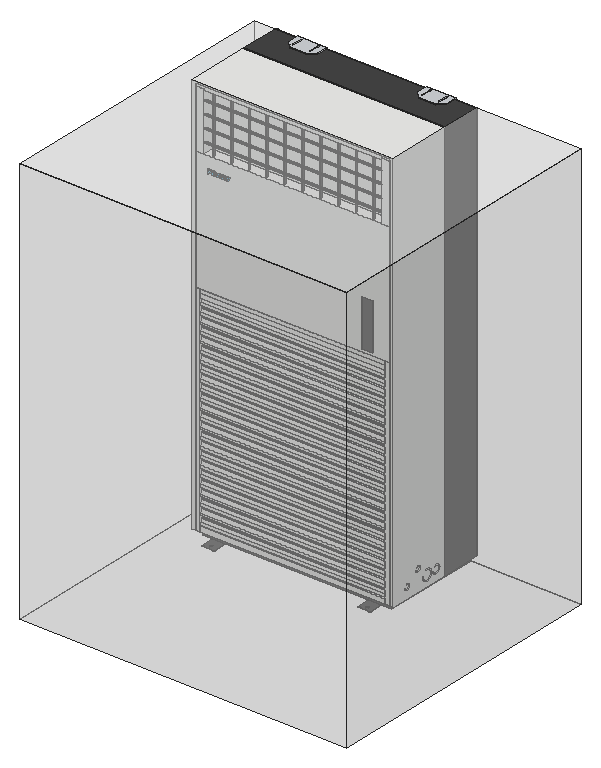
Revit family "outputfile", category 機械設備, Revit 2024
Family settings
  丸型コネクタ寸法 = 半径を使用
  パーツ タイプ = 標準
  OmniClass 番号 = 23.75.10.24.21.27.27
  OmniClass タイトル = Split System Air Conditioning Units
  作業面ベース = いいえ
  常に垂直 = はい
  ロード時にボイドで切り取り = いいえ
  注釈の向きを維持 = いいえ
  共有 = いいえ
  部屋計算ポイント = いいえ
Parameters (values of type "FVGR10PVL")
  Description = ""
  書き出し IFC クラス(タイプ) = "IfcUnitaryEquipmentType"
  定義済み IFC タイプ(タイプ) = "AIRCONDITIONINGUNIT"
  Cost = 0
  Type Comments = ""
  Keynote = ""
  Type Image = (empty or 0)
  Assembly Code = ""
  switch_frequency = yes
  lw_powersupply [instance] = if(Rear Connection_refrigerant, S + Rear_powerinput, Width / 2)  # 479.5 mm
  lw_liquidpipe [instance] = if(Rear Connection_refrigerant, S, Width / 2)  # 479.5 mm
  lw_gaspipe [instance] = if(Rear Connection_refrigerant, S + Rear_gas, Width / 2)  # 479.5 mm
  lw_drain [instance] = if(Rear Connection_refrigerant, S + Rear_drain, Width / 2)  # 479.5 mm
  lh_powersupply [instance] = if(and(Width = 1279.0 mm, Right Connection_refrigerant), 132.0 mm, if(Rear Connection_refrigerant, 83.0 mm, 82.0 mm))  # 82.0 mm
  lh_liquidpipe [instance] = if(Rear Connection_refrigerant, 83.0 mm, 132.0 mm)  # 132.0 mm
  lh_gaspipe [instance] = if(Rear Connection_refrigerant, 83.0 mm, 82.0 mm)  # 82.0 mm
  lh_drain [instance] = if(Rear Connection_refrigerant, 83.0 mm, 82.0 mm)  # 82.0 mm
  ld_powersupply [instance] = 82.0 mm  # constant formula
  ld_liquidpipe [instance] = if(Left Connection_refrigerant, 202.0 mm, 147.0 mm)  # 147.0 mm
  ld_gaspipe [instance] = 202.0 mm  # constant formula
  ld_drain [instance] = 257.0 mm  # constant formula
  l_powersupply [instance] = if(Rear Connection_refrigerant, Depth - ld_powersupply, Width / 2)  # 479.5 mm
  l_liquidpipe [instance] = if(Rear Connection_refrigerant, Depth - ld_liquidpipe, Width / 2)  # 479.5 mm
  l_gaspipe [instance] = if(Rear Connection_refrigerant, Depth - ld_gaspipe, Width / 2)  # 479.5 mm
  l_drain [instance] = if(Rear Connection_refrigerant, Depth - ld_drain, Width / 2)  # 479.5 mm
  h_mountinghole = 1.5 mm  # constant formula
  connector_voltage = Voltage_60Hz  # 220 V
  connector_powerinput = [Power Input (Cooling)]  # 9.780 kW
  connector_phase = Phase_60Hz  # 1
  URL = ""
  Rear_powerinput = if(Width = 1279.0 mm, 345.0 mm, if(Width = 1129.0 mm, 295.0 mm, 100.0 mm))  # 100.0 mm
  Rear_gas = if(Width = 959.0 mm, 300.0 mm, 100.0 mm)  # 300.0 mm
  angle_horizontal [instance] = if(Rear Connection_refrigerant, 180.00°, if(Left Connection_refrigerant, 270.00°, 90.00°))  # 90.00°
  Z = if(Width = 1279.0 mm, 50.0 mm, 0.0 mm)  # 0.0 mm
  Voltage_comment_60Hz = "220"
  Voltage_60Hz = 220 V
  S = if(or(Width = 1279.0 mm, Width = 1129.0 mm), 385.0 mm, 220.0 mm)  # 220.0 mm
  Right Connection_refrigerant [instance] = yes
  製造元 = "Daikin"
  モデル = "FVGR10PVL"
  r_Liquid Pipe Size = Liquid Pipe Size / 2  # 6.35 mm
  r_Gas Pipe Size = Gas Pipe Size / 2  # 12.7 mm
  r_Drain Pipe Size = Drain Pipe Size / 2  # 12.7 mm
  h*** = 0.0 mm  # constant formula
  Width = 959.0 mm
  Version = "ver.1.0"
  Unit Type = "Floor Standing"
  Unit Mass Weight = 138.00 kg
  Unit Designation [instance] = ""
  Uniclass2015Version = "Products v1.30"
  Uniclass2015Title = "Split coil room air conditioning units"
  Uniclass2015Code = "Pr_70_65_03_86"
  Total Cooling Capacity [instance] = 0.000 kW
  Sound Pressure Level_M speed (dBA) = 60
  Sound Pressure Level_L speed (dBA) = 55
  Sound Pressure Level_H speed (dBA) = 65
  Sound Power Level_H speed (dB) = 0
  Series = "Package Aircon_Fan Coil Unit"
  Sensible Cooling Capacity [instance] = 0.000 kW
  Refrigerant Type = "R410A"
  Rear_drain = if(Width = 959.0 mm, 200.0 mm, 195.0 mm)  # 200.0 mm
  Rear Connection_refrigerant [instance] = no
  Power Input (Cooling) = 9.780 kW
  Phase_60Hz = 1
  Option Accessory 3 [instance] = ""
  Option Accessory 2 [instance] = ""
  Option Accessory 1 [instance] = ""
  Nominal Cooling Capacity = 29.300 kW
  Minimum External Static Pressure = 0.00 Pa
  Minimum Circuit Amps_60Hz = 0.0 A
  Minimum Airflow = 3058.00 m³/h
  Median Airflow = 3738.00 m³/h
  Maximum Fuse Amps_60Hz = 0.0 A
  Maximum External Static Pressure = 0.00 Pa
  Maximum Airflow = 4757.00 m³/h
  Material_Casing = DAIKIN_White_Casing_indoorunit
  M = if(Width = 1279.0 mm, 200.0 mm, 124.0 mm)  # 124.0 mm
  Load Classification = HVAC
  Liquid Pipe Size = 12.7 mm
  Link_Nested Family [instance] = ""
  Left Connection_refrigerant [instance] = no
  IfcVersion = ""
  IfcExportType = "AIRCONDITIONINGUNIT"
  IfcExportAs = "IfcUnitaryEquipmentType"
  Height = 1947.0 mm  # constant formula
  Heat Exchanger Type = "Cross Fin Coil"
  Gas Pipe Size = 25.4 mm
  Frequency_60Hz = 60 Hz
  Fan Type = "Sirocco Fan"
  Fan Drive = "-"
  FCU Tag No. [instance] = ""
  Drain Pipe Size = 25.4 mm
  Design Supply Airflow [instance] = 0.00 m³/h
  Design External Static Pressure [instance] = 0.00 Pa
  Depth = 500.0 mm
  既定の高さ = 0.0 mm
  Cooling Entering Wet Bulb Temperature [instance] = 0.00 °C
  Cooling Entering Dry Bulb Temperature [instance] = 0.00 °C
  Cooling Ambient Wet Bulb Temperature [instance] = 0.00 °C
  Cooling Ambient Dry Bulb Temperature [instance] = 0.00 °C
  Clearance visibility [instance] = yes
  Clearance Top = 0.0 mm
  Clearance Right [instance] = if(Right Connection_refrigerant, 500.0 mm, 100.0 mm)  # 500.0 mm
  Clearance Rear [instance] = if(Rear Connection_refrigerant, 500.0 mm, 0.0 mm)  # 0.0 mm
  Clearance Left [instance] = if(Left Connection_refrigerant, 500.0 mm, 100.0 mm)  # 100.0 mm
  Clearance Front = 900.0 mm
  Clearance Bottom = 0.0 mm
Reference planes
  plane 1: z = 0
  plane 2 "Center (Left/Right)": x = 0
  plane 3 "Center (Front/Back)": y = 157.5
  plane 4 "Front": y = -92.5
  plane 5 "Left": x = -479.5
  plane 6 "Right": x = 479.5
  plane 7 "Top": z = 1947
  plane 8: z = 1947
  plane 9: z = 0
  plane 10 "Bottom": z = 0
  plane 11 "Back": y = 407.5
  plane 12: y = 407.5
  plane 13: y = -992.5
  plane 14: x = -579.5
  plane 15: x = 979.5
  plane 16: z = 31
  plane 17: z = 1597
  plane 18: x = -399.5
  plane 19 "c1": x = -450
  plane 20 "c2": x = 450
  plane 21 "j2": y = 402.3
  plane 22 "j1": y = -62.7
  plane 23 "R_F": y = -10.5
  plane 24 "R_G": y = 109.5
  plane 25 "R_H": y = 164.5
  plane 26 "R_X": y = 54.5
  plane 27 "R_Y": z = 82
  plane 28 "R_Z": z = 132
  plane 29 "R_interunit wiring": z = 82
  plane 30 "M": x = 355.5
  plane 31 "S": x = -259.5
  plane 32 "背面ガス": x = 40.5
  plane 33 "背面ドレン": x = -59.5
  plane 34 "背面電源": x = -159.5
  plane 35 "lh_drain": z = 82
  plane 36 "lh_gaspipe": z = 82
  plane 37 "lh_liquidpipe": z = 132
  plane 38 "lh_powersupply": z = 82
  plane 39 "lw_liquidpipe": x = 0
  plane 40 "lw_gaspipe": x = 0
  plane 41 "lw_drain": x = 0
  plane 42 "lw_powersupply": x = 0
  plane 43 "ld_powersupply": y = -10.5
  plane 44 "ld_drain": y = 164.5
  plane 45 "ld_gaspipe": y = 109.5
  plane 46 "ld_liquidpipe": y = 54.5
Forms (mm)
  Extrusion 1, solid, material "DAIKIN_Black_logo"
    sketch origin (0, 0, 0) x (-1, 0, 0) y (0, -1, 0)
      loop
        line (479.5, -405.8) -> (479.5, -215.8) -> (-479.5, -215.8) -> (-479.5, -405.8) -> (479.5, -405.8)
    from 31 to 1947
  Extrusion 2, solid, material "DAIKIN_White_Casing_indoorunit" <- "Material_Casing"
    sketch origin (0, 0, 0) x (-1, 0, 0) y (0, -1, 0)
      loop
        line (479.5, -215.8) -> (479.5, 92.5) -> (-479.5, 92.5) -> (-479.5, -215.8) -> (479.5, -215.8)
    from 31 to 1947
  Extrusion 3, solid, material "DAIKIN_Black_logo"
    sketch origin (0, 0, 0) x (-1, 0, 0) y (0, -1, 0)
      loop
        line (479.5, -407.5) -> (479.5, -405.8) -> (-479.5, -405.8) -> (-479.5, -407.5) -> (479.5, -407.5)
    from 31 to 1071
  Extrusion 4, solid, material "DAIKIN_Black_logo"
    sketch origin (0, 0, 0) x (-1, 0, 0) y (0, -1, 0)
      loop
        line (479.5, -407.5) -> (479.5, -405.8) -> (-479.5, -405.8) -> (-479.5, -407.5) -> (479.5, -407.5)
    from 1071 to 1947
  Extrusion 5, void
    sketch origin (0, -92.5, 0) x (-1, 0, 0) y (0, 0, 1)
      loop
        line (462.5, 1939.2) -> (-462.5, 1939.2) -> (-462.5, 31) -> (462.5, 31) -> (462.5, 1939.2)
    from 0 to 50
  Extrusion 6, solid, material "DAIKIN_Black_logo"
    sketch origin (0, 0, 0) x (-1, 0, 0) y (0, -1, 0)
      loop
        line (450, -402.3) -> (450, 62.7) -> (-450, 62.7) -> (-450, -402.3) -> (450, -402.3)
    from 0 to 31
  Extrusion 7, solid, material "DAIKIN_White_Casing_indoorunit" <- "Material_Casing"
    sketch origin (479.5, 0, 0) x (0, 1, 0) y (0, 0, 1)
      loop
        circle (54.5, 132) r 12.7
      loop
        circle (54.5, 132) r 11.5
    from 0 to -2
  Extrusion 8, solid, material "DAIKIN_White_Casing_indoorunit" <- "Material_Casing"
    sketch origin (479.5, 0, 0) x (0, 1, 0) y (0, 0, 1)
      loop
        circle (109.5, 82) r 25.4
      loop
        circle (109.5, 82) r 24.2
    from 0 to -3
  Extrusion 9, solid, material "DAIKIN_White_Casing_indoorunit" <- "Material_Casing"
    sketch origin (479.5, 0, 0) x (0, 1, 0) y (0, 0, 1)
      loop
        circle (164.5, 82) r 19.05
      loop
        circle (164.5, 82) r 17.85
    from 0 to -3
  Extrusion 10, solid, material "DAIKIN_White_Casing_indoorunit" <- "Material_Casing"
    sketch origin (479.5, 0, 0) x (0, 1, 0) y (0, 0, 1)
      loop
        circle (-10.5, 82) r 12.7
      loop
        circle (-10.5, 82) r 11.5
    from 0 to -3
  Extrusion 11, solid, material "DAIKIN_White_Casing_indoorunit" <- "Material_Casing"
    sketch origin (-479.5, 0, 0) x (0, 1, 0) y (0, 0, 1)
      loop
        circle (109.5, 132) r 12.7
      loop
        circle (109.5, 132) r 11.5
    from 0 to 3
  Extrusion 12, solid, material "DAIKIN_White_Casing_indoorunit" <- "Material_Casing"
    sketch origin (-479.5, 0, 0) x (0, 1, 0) y (0, 0, 1)
      loop
        circle (109.5, 82) r 25.4
      loop
        circle (109.5, 82) r 24.2
    from 0 to 3
  Extrusion 13, solid, material "DAIKIN_White_Casing_indoorunit" <- "Material_Casing"
    sketch origin (-479.5, 0, 0) x (0, 1, 0) y (0, 0, 1)
      loop
        circle (164.5, 82) r 19.05
      loop
        circle (164.5, 82) r 17.85
    from 0 to 3
  Extrusion 14, solid, material "DAIKIN_White_Casing_indoorunit"
    sketch origin (-479.5, 0, 0) x (0, 1, 0) y (0, 0, 1)
      loop
        circle (-10.5, 82) r 12.7
      loop
        circle (-10.5, 82) r 11.5
    from 0 to 3
  Extrusion 15, solid, material "DAIKIN_White_Casing_indoorunit"
    sketch origin (0, 407.5, 0) x (-1, 0, 0) y (0, 0, 1)
      loop
        line (-355.5, 182) -> (-355.5, 82) -> (-130.5, 82) -> (-130.5, 182) -> (-355.5, 182)
    from 0 to -1.7
  Extrusion 16, solid, material "DAIKIN_White_Casing_indoorunit" <- "Material_Casing"
    sketch origin (0, 407.5, 0) x (-1, 0, 0) y (0, 0, 1)
      loop
        circle (259.5, 83) r 12.7
      loop
        circle (259.5, 83) r 11.5
    from 0 to -1.7
  Extrusion 17, solid, material "DAIKIN_White_Casing_indoorunit" <- "Material_Casing"
    sketch origin (0, 407.5, 0) x (-1, 0, 0) y (0, 0, 1)
      loop
        circle (-40.5, 83) r 25.4
      loop
        circle (-40.5, 83) r 24.2
    from 0 to -1.7
  Extrusion 18, solid, material "DAIKIN_White_Casing_indoorunit" <- "Material_Casing"
    sketch origin (0, 407.5, 0) x (-1, 0, 0) y (0, 0, 1)
      loop
        circle (59.5, 83) r 19.05
      loop
        circle (59.5, 83) r 17.85
    from 0 to -1.7
  Extrusion 19, solid, material "DAIKIN_White_Casing_indoorunit" <- "Material_Casing"
    sketch origin (0, 407.5, 0) x (-1, 0, 0) y (0, 0, 1)
      loop
        circle (159.5, 83) r 12.7
      loop
        circle (159.5, 83) r 11.473
    from 0 to -1.7
Cuts and joins
  Extrusion 5 cuts Extrusion 2
Dimensions and locks
  "h***": plane 10 "Bottom" to plane 1
  "Clearance Bottom": plane 10 "Bottom" to plane 9
  "Height": plane 7 "Top" to plane 10 "Bottom"
  "Clearance Top": plane 8 to plane 7 "Top"
  equal spacing: plane 11 "Back", plane 3 "Center (Front/Back)", plane 4 "Front"
  "Depth": plane 11 "Back" to plane 4 "Front"
  "Clearance Rear": plane 12 to plane 11 "Back"
  "Clearance Front": plane 4 "Front" to plane 13
  "Clearance Left": plane 14 to plane 5 "Left"
  "Clearance Right": plane 6 "Right" to plane 15
  equal spacing: plane 5 "Left", plane 2 "Center (Left/Right)", plane 6 "Right"
  "Width": plane 5 "Left" to plane 6 "Right"
  locked: plane 11 "Back" to Extrusion 1 sketch curve at 191.7
  locked: Extrusion 1 sketch curve to Extrusion 1 sketch curve at 190
  locked: plane 16 to plane 10 "Bottom" at 31
  Extrusion 5 sketch curve to plane 5 "Left" = 17.0 mm
  plane 6 "Right" to Extrusion 5 sketch curve = 17.0 mm
  plane 7 "Top" to Extrusion 5 sketch curve = 7.8 mm
  locked: plane 7 "Top" to plane 17 at 350
  locked: plane 18 to plane 5 "Left" at 80
  locked: plane 21 "j2" to plane 11 "Back" at 5.2
  locked: plane 4 "Front" to plane 22 "j1" at 29.8
  locked: plane 20 "c2" to plane 6 "Right" at 29.5
  locked: plane 5 "Left" to plane 19 "c1" at 29.5
  locked: plane 4 "Front" to plane 23 "R_F" at 82
  locked: plane 23 "R_F" to plane 24 "R_G" at 120
  locked: plane 24 "R_G" to plane 25 "R_H" at 55
  locked: plane 4 "Front" to plane 26 "R_X" at 147
  locked: plane 27 "R_Y" to plane 10 "Bottom" at 82
  locked: plane 28 "R_Z" to plane 27 "R_Y" at 50
  "Z": plane 29 "R_interunit wiring" to plane 27 "R_Y"
  "M": plane 6 "Right" to plane 30 "M"
  locked: Extrusion 15 sketch curve to Extrusion 15 sketch curve at 225
  locked: plane 10 "Bottom" to Extrusion 15 sketch curve at 82
  locked: Extrusion 15 sketch curve to Extrusion 15 sketch curve at 100
  "S": plane 31 "S" to plane 5 "Left"
  locked: plane 16 to Extrusion 16 sketch curve at 52  (x2)
  "Rear_gas": plane 31 "S" to plane 32 "背面ガス"
  locked: plane 16 to Extrusion 17 sketch curve at 52
  "Rear_drain": plane 33 "背面ドレン" to plane 31 "S"
  locked: plane 16 to Extrusion 18 sketch curve at 52  (x2)
  "Rear_powerinput": plane 31 "S" to plane 34 "背面電源"
  locked: plane 16 to Extrusion 19 sketch curve at 52  (x2)
  "lh_liquidpipe": plane 37 "lh_liquidpipe" to plane 10 "Bottom"
  "lh_gaspipe": plane 36 "lh_gaspipe" to plane 10 "Bottom"
  "lh_drain": plane 35 "lh_drain" to plane 10 "Bottom"
  "lh_powersupply": plane 38 "lh_powersupply" to plane 10 "Bottom"
  "lw_liquidpipe": plane 5 "Left" to plane 39 "lw_liquidpipe"
  "lw_gaspipe": plane 5 "Left" to plane 40 "lw_gaspipe"
  "lw_drain": plane 5 "Left" to plane 41 "lw_drain"
  "lw_powersupply": plane 5 "Left" to plane 42 "lw_powersupply"
  "ld_liquidpipe": plane 46 "ld_liquidpipe" to plane 4 "Front"
  "ld_gaspipe": plane 45 "ld_gaspipe" to plane 4 "Front"
  "ld_drain": plane 44 "ld_drain" to plane 4 "Front"
  "ld_powersupply": plane 43 "ld_powersupply" to plane 4 "Front"
  aligned and locked: level to plane 1
  aligned and locked: plane 8 to nested 1
  aligned and locked: plane 9 to nested 1
  aligned and locked: plane 12 to nested 1
  aligned and locked: nested 1 to plane 13
  aligned and locked: plane 14 to nested 1
  aligned and locked: plane 15 to nested 1
  aligned and locked: plane 5 "Left" to Extrusion 1 sketch curve
  aligned and locked: Extrusion 1 sketch curve to plane 6 "Right"
  aligned and locked: plane 7 "Top" to Extrusion 1
  aligned and locked: Extrusion 1 to plane 16
  aligned and locked: Extrusion 2 sketch curve to Extrusion 1
  aligned and locked: plane 5 "Left" to Extrusion 2 sketch curve
  aligned and locked: Extrusion 2 sketch curve to plane 6 "Right"
  aligned and locked: plane 4 "Front" to Extrusion 2 sketch curve
  aligned and locked: Extrusion 2 to plane 16
  aligned and locked: plane 7 "Top" to Extrusion 2
  aligned and locked: plane 5 "Left" to Extrusion 3 sketch curve
  aligned and locked: Extrusion 3 sketch curve to plane 6 "Right"
  aligned and locked: Extrusion 3 sketch curve to plane 11 "Back"
  aligned and locked: Extrusion 3 sketch curve to Extrusion 1
  aligned and locked: Extrusion 3 to plane 16
  aligned and locked: Extrusion 4 sketch curve to plane 11 "Back"
  aligned and locked: Extrusion 4 sketch curve to plane 5 "Left"
  aligned and locked: plane 6 "Right" to Extrusion 4 sketch curve
  aligned and locked: Extrusion 4 sketch curve to Extrusion 3
  aligned and locked: plane 7 "Top" to Extrusion 4
  aligned and locked: plane 4 "Front" to nested 2
  aligned and locked: plane 2 "Center (Left/Right)" to nested 2
  aligned and locked: plane 10 "Bottom" to nested 2
  aligned and locked: plane 16 to Extrusion 5 sketch curve
  aligned and locked: nested 3 to plane 4 "Front"
  aligned and locked: plane 17 to nested 3
  aligned and locked: plane 18 to nested 3
  aligned and locked: Extrusion 6 sketch curve to plane 21 "j2"
  aligned and locked: Extrusion 6 sketch curve to plane 19 "c1"
  aligned and locked: plane 20 "c2" to Extrusion 6 sketch curve
  aligned and locked: plane 22 "j1" to Extrusion 6 sketch curve
  aligned and locked: plane 16 to Extrusion 6
  aligned and locked: Extrusion 6 to plane 10 "Bottom"
  aligned and locked: nested 4 to plane 3 "Center (Front/Back)"
  aligned and locked: plane 2 "Center (Left/Right)" to nested 4
  aligned and locked: plane 10 "Bottom" to nested 4
  aligned and locked: plane 28 "R_Z" to Extrusion 7 sketch curve  (x2)
  aligned and locked: Extrusion 7 sketch curve to plane 26 "R_X"  (x2)
  aligned and locked: Extrusion 8 sketch curve to plane 24 "R_G"
  aligned and locked: plane 27 "R_Y" to Extrusion 8 sketch curve
  aligned and locked: Extrusion 9 sketch curve to plane 25 "R_H"  (x2)
  aligned and locked: plane 27 "R_Y" to Extrusion 9 sketch curve  (x2)
  aligned and locked: Extrusion 10 sketch curve to plane 23 "R_F"  (x2)
  aligned and locked: plane 29 "R_interunit wiring" to Extrusion 10 sketch curve  (x2)
  aligned and locked: plane 28 "R_Z" to Extrusion 11 sketch curve  (x2)
  aligned and locked: plane 24 "R_G" to Extrusion 11 sketch curve  (x2)
  aligned and locked: plane 24 "R_G" to Extrusion 12 sketch curve
  aligned and locked: plane 27 "R_Y" to Extrusion 12 sketch curve
  aligned and locked: plane 25 "R_H" to Extrusion 13 sketch curve  (x2)
  aligned and locked: plane 27 "R_Y" to Extrusion 13 sketch curve  (x2)
  aligned and locked: plane 23 "R_F" to Extrusion 14 sketch curve  (x2)
  aligned and locked: plane 27 "R_Y" to Extrusion 14 sketch curve  (x2)
  aligned and locked: Extrusion 15 sketch curve to plane 30 "M"
  aligned and locked: plane 31 "S" to Extrusion 16 sketch curve  (x2)
  aligned and locked: Extrusion 17 sketch curve to plane 32 "背面ガス"  (x2)
  aligned and locked: Extrusion 18 sketch curve to plane 33 "背面ドレン"  (x2)
  aligned and locked: Extrusion 19 sketch curve to plane 34 "背面電源"  (x2)
  aligned and locked: nested 10 to plane 40 "lw_gaspipe"
  aligned and locked: nested 12 to plane 42 "lw_powersupply"
  aligned and locked: nested 11 to plane 41 "lw_drain"
  aligned and locked: nested 9 to plane 39 "lw_liquidpipe"
  aligned and locked: nested 9 to plane 46 "ld_liquidpipe"
  aligned and locked: nested 10 to plane 45 "ld_gaspipe"
  aligned and locked: nested 11 to plane 44 "ld_drain"
  aligned and locked: nested 12 to plane 43 "ld_powersupply"
  aligned and locked: nested 13 to plane 11 "Back"
  aligned and locked: plane 2 "Center (Left/Right)" to nested 13
  aligned and locked: plane 7 "Top" to nested 13
Automatic sketch dimensions
  Extrusion 8 sketch curve to Extrusion 8 sketch curve = 0.0 mm  (x2)
  Extrusion 12 sketch curve to Extrusion 12 sketch curve = 0.0 mm  (x2)
  Extrusion 17 sketch curve to Extrusion 17 sketch curve = 0.0 mm
  radius of Extrusion 7 sketch curve = 12.7 mm
  radius of Extrusion 7 sketch curve = 11.5 mm
  radius of Extrusion 8 sketch curve = 25.4 mm
  radius of Extrusion 8 sketch curve = 24.2 mm
  radius of Extrusion 9 sketch curve = 19.05 mm
  radius of Extrusion 9 sketch curve = 17.85 mm
  radius of Extrusion 10 sketch curve = 12.7 mm
  radius of Extrusion 10 sketch curve = 11.5 mm
  radius of Extrusion 11 sketch curve = 12.7 mm
  radius of Extrusion 11 sketch curve = 11.5 mm
  radius of Extrusion 12 sketch curve = 25.4 mm
  radius of Extrusion 12 sketch curve = 24.2 mm
  radius of Extrusion 13 sketch curve = 19.05 mm
  radius of Extrusion 13 sketch curve = 17.85 mm
  radius of Extrusion 14 sketch curve = 12.7 mm
  radius of Extrusion 14 sketch curve = 11.5 mm
  radius of Extrusion 16 sketch curve = 12.7 mm
  radius of Extrusion 16 sketch curve = 11.5 mm
  radius of Extrusion 17 sketch curve = 25.4 mm
  radius of Extrusion 17 sketch curve = 24.2 mm
  radius of Extrusion 18 sketch curve = 19.05 mm
  radius of Extrusion 18 sketch curve = 17.85 mm
  radius of Extrusion 19 sketch curve = 12.7 mm
  radius of Extrusion 19 sketch curve = 11.473 mm
Nested families
  nested 1: "daikin_clearancespace" at (200, -292.5, 973.619), visible <- "Clearance visibility", show <- "Clearance visibility", Link_Nested Family <- "Link_Nested Family", type "daikin_clearancespace"
    with width 1559.0 mm, show yes, height 1947.0 mm, depth 1400.0 mm, Link_Nested Family ""
  nested 2: "daikin_round flow_panel" at (0, -42.5, 0), type "daikin_round flow_panel"
  nested 3: "daikin_logo_elevation_w100" at (-334.5, -92.5, 1572), type "daikin_logo_elevation_w100"
    with show_logo yes
  nested 4: "daikin_unit monting plae" at (0, 157.5, 0), type "daikin_unit monting plae"
  nested 5: "daikin_mountinghole" at (-371.5, 452.3, 0), type "daikin_mountinghole"
    with show yes, l_antenna 1946.5 mm, h_mountinghole 1.5 mm, Link_Nested Family ""
  nested 6: "daikin_mountinghole" at (-371.5, -112.7, 0), type "daikin_mountinghole"
    with show yes, l_antenna 1946.5 mm, h_mountinghole 1.5 mm, Link_Nested Family ""
  nested 7: "daikin_mountinghole" at (371.5, -112.7, 0), type "daikin_mountinghole"
    with show yes, l_antenna 1946.5 mm, h_mountinghole 1.5 mm, Link_Nested Family ""
  nested 8: "daikin_mountinghole" at (371.5, 452.3, 0), type "daikin_mountinghole"
    with show yes, l_antenna 1946.5 mm, h_mountinghole 1.5 mm, Link_Nested Family ""
  nested 9: "daikin_connector_rotate3" at (0, 54.5, 132), radius <- "r_Liquid Pipe Size", angle_horizontal <- "angle_horizontal", length <- "l_liquidpipe", type "*"
    with radius 6.35 mm, length 479.5 mm, angle_vertical 90.00°, angle_horizontal 90.00°, show_line no, show_face no
  nested 10: "daikin_connector_rotate3" at (0, 109.5, 82), radius <- "r_Gas Pipe Size", angle_horizontal <- "angle_horizontal", length <- "l_gaspipe", type "*"
    with radius 12.7 mm, length 479.5 mm, angle_vertical 90.00°, angle_horizontal 90.00°, show_line no, show_face no
  nested 11: "daikin_connector_rotate3" at (0, 164.5, 82), radius <- "r_Drain Pipe Size", angle_horizontal <- "angle_horizontal", length <- "l_drain", type "*"
    with radius 12.7 mm, length 479.5 mm, angle_vertical 90.00°, angle_horizontal 90.00°, show_line no, show_face no
  nested 12: "daikin_connector_rotate3" at (0, -10.5, 82), angle_horizontal <- "angle_horizontal", length <- "l_powersupply", type "*"
    with radius 12.7 mm, length 479.5 mm, angle_vertical 90.00°, angle_horizontal 90.00°, show_line no, show_face no
  nested 13: "daikin_wall monting plae" at (0, 407.5, 1947), type "daikin_wall monting plae"
Connectors
  piping at (479.5, 54.5, 132), diameter 12.7, driven by "r_Liquid Pipe Size"
    settings: on nested 9, index 1, connector inside diameter 609.6 mm, connector length 0.0 mm, flow factor 0, pipe flow 0.00 m³/h, pressure drop 0.0 Pa, fitting loss kfactor 0, connector angle 0.00°, fixture units 0, engagement length 0.0 mm, angle of deflection 0.00°, flow configuration 1, flow direction 1, fitting loss method 0, system type 29, joint type 0, gender type 0, connector reference index -1, connector utility 0, adjustable connector no, is connector primary yes, connector description "Refrigerant Liquid Piping"
  piping at (479.5, 109.5, 82), diameter 25.4, driven by "r_Gas Pipe Size"
    settings: on nested 10, index 2, connector inside diameter 609.6 mm, connector length 0.0 mm, flow factor 0, pipe flow 0.00 m³/h, pressure drop 0.0 Pa, fitting loss kfactor 0, connector angle 0.00°, fixture units 0, engagement length 0.0 mm, angle of deflection 0.00°, flow configuration 1, flow direction 2, fitting loss method 0, system type 29, joint type 0, gender type 0, connector reference index -1, connector utility 0, adjustable connector no, is connector primary no, connector description "Refrigerant Gas Piping"
  piping at (479.5, 164.5, 82), diameter 25.4, driven by "r_Drain Pipe Size"
    settings: on nested 11, index 3, connector inside diameter 609.6 mm, connector length 0.0 mm, flow factor 0, pipe flow 0.00 m³/h, pressure drop 0.0 Pa, fitting loss kfactor 0, connector angle 0.00°, fixture units 0, engagement length 0.0 mm, angle of deflection 0.00°, flow configuration 1, flow direction 2, fitting loss method 4, system type 16, joint type 0, gender type 0, connector reference index -1, connector utility 0, adjustable connector no, is connector primary no, connector description "Condensate Drain Piping"
  electrical at (479.5, -10.5, 82), driven by "connector_phase", driven by "Load Classification", driven by "connector_voltage", driven by "connector_powerinput"
    settings: on nested 12, index 4, voltage 220 V, apparent load 9780 VA, apparent load phase1 0 VA, apparent load phase2 0 VA, apparent load phase3 0 VA, power factor 1, load classification "HVAC", number of poles 1, system type 30, power factor state 1, is connector primary yes, connector utility no, sub classification motor no, connector description "Power Supply"
Definition of nested family "daikin_clearancespace"
  Parameters (values of type "daikin_clearancespace")
    Description = "daikin_clearancespace"
    width [instance] = 1823.963 mm
    show [instance] = yes
    material = none
    height [instance] = 1359.762 mm
    depth [instance] = 880.0 mm
    Default Elevation = 0.0 mm
    Link_Nested Family [instance] = ""
  Reference planes
    plane 1 "Center (Front/Back)": y = 0
    plane 2 "Center (Elevation)": z = -0.119
    plane 3 "Center (Left/Right)": x = 0
    plane 4: y = 440
    plane 5: y = -440
    plane 6 "Right": x = 911.982
    plane 7 "Left": x = -911.982
    plane 8 "Top": z = 679.762
    plane 9 "Bottom": z = -680
  Forms (mm)
    Extrusion 1, solid, material <- "material", visible <- "show"
      sketch origin (0, 0, 0) x (1, 0, 0) y (0, 1, 0)
        loop
          line (-911.982, 440) -> (-911.982, -440) -> (911.982, -440) -> (911.982, 440) -> (-911.982, 440)
      from -680 to 679.762
  Lines and regions (mm)
    symbolic lines, visible <- "show"
      curve 1: line (911.982, 440, 0) -> (-911.982, 440, 0)
      curve 2: line (-911.982, 440, 0) -> (-911.982, -440, 0)
      curve 3: line (-911.982, -440, 0) -> (911.982, -440, 0)
      curve 4: line (911.982, -440, 0) -> (911.982, 440, 0)
      curve 5: line (911.982, 0, 679.762) -> (-911.982, 0, 679.762)
      curve 6: line (911.982, 0, -680) -> (911.982, 0, 679.762)
      curve 7: line (-911.982, 0, -680) -> (911.982, 0, -680)
      curve 8: line (-911.982, 0, 679.762) -> (-911.982, 0, -680)
      curve 9: line (0, 440, 679.762) -> (0, -440, 679.762)
      curve 10: line (0, -440, 679.762) -> (0, -440, -680)
      curve 11: line (0, 440, -680) -> (0, 440, 679.762)
      curve 12: line (0, -440, -680) -> (0, 440, -680)
  Dimensions and locks
    "width": plane 7 "Left" to plane 6 "Right"
    "depth": plane 4 to plane 5
    "height": plane 8 "Top" to plane 9 "Bottom"
    equal spacing: plane 7 "Left", plane 3 "Center (Left/Right)", plane 6 "Right"
    equal spacing: plane 4, plane 1 "Center (Front/Back)", plane 5
    equal spacing: plane 8 "Top", plane 2 "Center (Elevation)", plane 9 "Bottom"
    aligned and locked: level to plane 2 "Center (Elevation)"
    aligned and locked: Extrusion 1 sketch curve to plane 4
    aligned and locked: plane 7 "Left" to Extrusion 1 sketch curve
    aligned and locked: Extrusion 1 sketch curve to plane 5
    aligned and locked: Extrusion 1 sketch curve to plane 6 "Right"
    aligned and locked: plane 8 "Top" to Extrusion 1
    aligned and locked: curve 1 to Extrusion 1
    aligned and locked: curve 2 to Extrusion 1
    aligned and locked: curve 3 to Extrusion 1
    aligned and locked: curve 4 to Extrusion 1
    aligned and locked: curve 5 to Extrusion 1
    aligned and locked: curve 6 to Extrusion 1
    aligned and locked: curve 7 to Extrusion 1
    aligned and locked: curve 8 to Extrusion 1
    aligned and locked: curve 9 to Extrusion 1
    aligned and locked: curve 10 to Extrusion 1
    aligned and locked: curve 11 to Extrusion 1
    aligned and locked: curve 12 to Extrusion 1
    aligned and locked: Extrusion 1 to plane 9 "Bottom"
Definition of nested family "daikin_round flow_panel"
  Parameters (values of type "daikin_round flow_panel")
    n = if(A = 1129.0 mm, 12, if(A = 1279.0 mm, 14, 10))  # 10
    material = none
    a = if(A = 1279.0 mm, 85.0 mm, 95.0 mm)  # 95.0 mm
    E = 1071.0 mm  # constant formula
    Default Elevation = 0.0 mm
    D = 581.0 mm  # constant formula
    B = 1947.0 mm  # constant formula
    A = 959.0 mm
  Reference planes
    plane 1 "Center (Front/Back)": y = 0
    plane 2: z = 0
    plane 3 "Center (Left/Right)": x = 0
    plane 4: z = 31
    plane 5: z = 1071
    plane 6: z = 1652
    plane 7: z = 1947
    plane 8: x = -479.5
    plane 9: x = 479.5
    plane 10: y = -50
    plane 11: x = -462.5
    plane 12: x = 462.5
    plane 13: z = 1939.2
    plane 14: x = -384.5
    plane 15: y = -44
    plane 16: y = -50
    plane 17: x = -299.5
    plane 18: x = -299.5
    plane 19: y = -44
    plane 20: y = -50
    plane 21: x = -214.5
    plane 22: x = -214.5
    plane 23: y = -44
    plane 24: y = -50
    plane 25: x = -129.5
    plane 26: x = -129.5
    plane 27: y = -44
    plane 28: y = -50
    plane 29: x = -44.5
    plane 30: x = -44.5
    plane 31: y = -44
    plane 32: y = -50
    plane 33: x = 40.5
    plane 34: x = 40.5
    plane 35: y = -44
    plane 36: y = -50
    plane 37: x = 125.5
    plane 38: x = 125.5
    plane 39: y = -44
    plane 40: y = -50
    plane 41: x = 210.5
    plane 42: x = 210.5
    plane 43: y = -44
    plane 44: y = -50
    plane 45: x = 295.5
    plane 46: x = 295.5
    plane 47: y = -44
    plane 48: y = -50
    plane 49: x = 380.5
    plane 50: x = 380.5
    plane 51: y = -44
    plane 52: y = -50
    plane 53: x = 465.5
  Forms (mm)
    Extrusion 1, solid, material <- "material"
      sketch origin (0, 0, 0) x (1, 0, 0) y (0, 0, 1)
        loop
          line (-462.5, 1652) -> (-462.5, 1071) -> (462.5, 1071) -> (462.5, 1652) -> (-462.5, 1652)
        loop
          line (331.5, 1306) -> (331.5, 1084) -> (383.5, 1084) -> (383.5, 1306) -> (331.5, 1306)
      from 0 to 50
    Extrusion 2, solid
      sketch origin (0, 0, 0) x (1, 0, 0) y (0, 0, 1)
        loop
          line (331.5, 1306) -> (331.5, 1084) -> (383.5, 1084) -> (383.5, 1306) -> (331.5, 1306)
      from 0 to 50
    Extrusion 3, solid, material <- "material"
      sketch origin (0, 0, 0) x (1, 0, 0) y (0, 0, 1)
        loop
          line (-462.5, 1929.9) -> (-462.5, 1652) -> (-424.7, 1652) -> (-424.7, 1929.9) -> (-462.5, 1929.9)
        loop
          line (424.7, 1929.9) -> (424.7, 1652) -> (462.5, 1652) -> (462.5, 1929.9) -> (424.7, 1929.9)
      from 0 to 50
    Extrusion 4, solid, material <- "material"
      sketch origin (0, 0, 0) x (1, 0, 0) y (0, 0, 1)
        loop
          line (-462.5, 1939.2) -> (-462.5, 1921.2) -> (462.5, 1921.2) -> (462.5, 1939.2) -> (-462.5, 1939.2)
      from 0 to 48.3
    Extrusion 5, solid
      sketch origin (-328.229, -1524, 1652) x (-1, 0, 0) y (0, -1, 0)
        loop
          line (56.271, -1486) -> (56.271, -1480) -> (52.271, -1480) -> (52.271, -1486) -> (56.271, -1486)
      from 0 to 269.2
    Extrusion 6, solid
      sketch origin (-243.229, -1524, 1652) x (-1, 0, 0) y (0, -1, 0)
        loop
          line (56.271, -1486) -> (56.271, -1480) -> (52.271, -1480) -> (52.271, -1486) -> (56.271, -1486)
      from 0 to 269.2
    Extrusion 7, solid
      sketch origin (-158.229, -1524, 1652) x (-1, 0, 0) y (0, -1, 0)
        loop
          line (56.271, -1486) -> (56.271, -1480) -> (52.271, -1480) -> (52.271, -1486) -> (56.271, -1486)
      from 0 to 269.2
    Extrusion 8, solid
      sketch origin (-73.229, -1524, 1652) x (-1, 0, 0) y (0, -1, 0)
        loop
          line (56.271, -1486) -> (56.271, -1480) -> (52.271, -1480) -> (52.271, -1486) -> (56.271, -1486)
      from 0 to 269.2
    Extrusion 9, solid
      sketch origin (11.771, -1524, 1652) x (-1, 0, 0) y (0, -1, 0)
        loop
          line (56.271, -1486) -> (56.271, -1480) -> (52.271, -1480) -> (52.271, -1486) -> (56.271, -1486)
      from 0 to 269.2
    Extrusion 10, solid
      sketch origin (96.771, -1524, 1652) x (-1, 0, 0) y (0, -1, 0)
        loop
          line (56.271, -1486) -> (56.271, -1480) -> (52.271, -1480) -> (52.271, -1486) -> (56.271, -1486)
      from 0 to 269.2
    Extrusion 11, solid
      sketch origin (181.771, -1524, 1652) x (-1, 0, 0) y (0, -1, 0)
        loop
          line (56.271, -1486) -> (56.271, -1480) -> (52.271, -1480) -> (52.271, -1486) -> (56.271, -1486)
      from 0 to 269.2
    Extrusion 12, solid
      sketch origin (266.771, -1524, 1652) x (-1, 0, 0) y (0, -1, 0)
        loop
          line (56.271, -1486) -> (56.271, -1480) -> (52.271, -1480) -> (52.271, -1486) -> (56.271, -1486)
      from 0 to 269.2
    Extrusion 13, solid
      sketch origin (351.771, -1524, 1652) x (-1, 0, 0) y (0, -1, 0)
        loop
          line (56.271, -1486) -> (56.271, -1480) -> (52.271, -1480) -> (52.271, -1486) -> (56.271, -1486)
      from 0 to 269.2
    Extrusion 14, solid
      sketch origin (436.771, -1524, 1652) x (-1, 0, 0) y (0, -1, 0)
        loop
          line (56.271, -1486) -> (56.271, -1480) -> (52.271, -1480) -> (52.271, -1486) -> (56.271, -1486)
      from 0 to 269.2
    Extrusion 15, solid
      sketch origin (0, 0, 0) x (0, 1, 0) y (0, 0, 1)
        loop
          line (-48.3, 1700.201) -> (-48.3, 1697.519) -> (-44, 1693.61) -> (-44, 1704.11) -> (-48.3, 1700.201)
        loop
          line (-48.3, 1760.201) -> (-48.3, 1757.519) -> (-44, 1753.61) -> (-44, 1764.11) -> (-48.3, 1760.201)
        loop
          line (-48.3, 1820.201) -> (-48.3, 1817.519) -> (-44, 1813.61) -> (-44, 1824.11) -> (-48.3, 1820.201)
        loop
          line (-48.3, 1880.201) -> (-48.3, 1877.519) -> (-44, 1873.61) -> (-44, 1884.11) -> (-48.3, 1880.201)
      from -424.7 to 424.7
    Extrusion 16, solid, material <- "material"
      sketch origin (0, 0, 0) x (1, 0, 0) y (0, 0, 1)
        loop
          line (-462.5, 1071) -> (-462.5, 31) -> (-439.5, 31) -> (-439.5, 1071) -> (-462.5, 1071)
        loop
          line (462.5, 1071) -> (439.5, 1071) -> (439.5, 31) -> (462.5, 31) -> (462.5, 1071)
      from 0 to 50
    Extrusion 17, solid, material <- "material"
      sketch origin (0, 0, 0) x (1, 0, 0) y (0, 0, 1)
        loop
          line (-439.5, 1071) -> (-439.5, 1052.4) -> (439.5, 1052.4) -> (439.5, 1071) -> (-439.5, 1071)
        loop
          line (-439.5, 55) -> (-439.5, 31) -> (439.5, 31) -> (439.5, 55) -> (-439.5, 55)
      from 0 to 50
    Extrusion 18, solid, material <- "material"
      sketch origin (0, 0, 0) x (1, 0, 0) y (0, 1, 0)
        loop
          line (-20, -44) -> (0, -44) -> (0, -38) -> (-20, -38) -> (-20, -44)
      from 55 to 1052.4
    Extrusion 19, solid, material <- "material"
      sketch origin (0, 0, 0) x (1, 0, 0) y (0, 1, 0)
        loop
          line (0, -38) -> (0, -44) -> (20, -44) -> (20, -38) -> (0, -38)
      from 55 to 1052.4
    Extrusion 20, solid, material <- "material"
      sketch origin (4267.2, -50, 94) x (0, 0, 1) y (1, 0, 0)
        loop
          line (958.4, -4706.7) -> (958.4, -3827.7) -> (936.9, -3827.7) -> (936.9, -4706.7) -> (958.4, -4706.7)
      from 6 to 0
    Extrusion 21, solid, material <- "material"
      sketch origin (0, 0, 0) x (0, 1, 0) y (0, 0, 1)
        loop
          line (-47, 93.8) -> (-47, 90.8) -> (-50, 73) -> (-50, 61) -> (-44, 61) -> (-44, 93.8) -> (-47, 93.8)
        loop
          line (-47, 134.6) -> (-47, 131.6) -> (-50, 113.8) -> (-50, 101.8) -> (-44, 101.8) -> (-44, 134.6) -> (-47, 134.6)
        loop
          line (-47, 175.4) -> (-47, 172.4) -> (-50, 154.6) -> (-50, 142.6) -> (-44, 142.6) -> (-44, 175.4) -> (-47, 175.4)
        loop
          line (-47, 216.2) -> (-47, 213.2) -> (-50, 195.4) -> (-50, 183.4) -> (-44, 183.4) -> (-44, 216.2) -> (-47, 216.2)
        loop
          line (-47, 257) -> (-47, 254) -> (-50, 236.2) -> (-50, 224.2) -> (-44, 224.2) -> (-44, 257) -> (-47, 257)
        loop
          line (-47, 297.8) -> (-47, 294.8) -> (-50, 277) -> (-50, 265) -> (-44, 265) -> (-44, 297.8) -> (-47, 297.8)
        loop
          line (-47, 338.6) -> (-47, 335.6) -> (-50, 317.8) -> (-50, 305.8) -> (-44, 305.8) -> (-44, 338.6) -> (-47, 338.6)
        loop
          line (-47, 379.4) -> (-47, 376.4) -> (-50, 358.6) -> (-50, 346.6) -> (-44, 346.6) -> (-44, 379.4) -> (-47, 379.4)
        loop
          line (-47, 420.2) -> (-47, 417.2) -> (-50, 399.4) -> (-50, 387.4) -> (-44, 387.4) -> (-44, 420.2) -> (-47, 420.2)
        loop
          line (-47, 461) -> (-47, 458) -> (-50, 440.2) -> (-50, 428.2) -> (-44, 428.2) -> (-44, 461) -> (-47, 461)
        loop
          line (-47, 501.8) -> (-47, 498.8) -> (-50, 481) -> (-50, 469) -> (-44, 469) -> (-44, 501.8) -> (-47, 501.8)
        loop
          line (-47, 542.6) -> (-47, 539.6) -> (-50, 521.8) -> (-50, 509.8) -> (-44, 509.8) -> (-44, 542.6) -> (-47, 542.6)
        loop
          line (-47, 583.4) -> (-47, 580.4) -> (-50, 562.6) -> (-50, 550.6) -> (-44, 550.6) -> (-44, 583.4) -> (-47, 583.4)
        loop
          line (-47, 624.2) -> (-47, 621.2) -> (-50, 603.4) -> (-50, 591.4) -> (-44, 591.4) -> (-44, 624.2) -> (-47, 624.2)
        loop
          line (-47, 665) -> (-47, 662) -> (-50, 644.2) -> (-50, 632.2) -> (-44, 632.2) -> (-44, 665) -> (-47, 665)
        loop
          line (-47, 705.8) -> (-47, 702.8) -> (-50, 685) -> (-50, 673) -> (-44, 673) -> (-44, 705.8) -> (-47, 705.8)
        loop
          line (-47, 746.6) -> (-47, 743.6) -> (-50, 725.8) -> (-50, 713.8) -> (-44, 713.8) -> (-44, 746.6) -> (-47, 746.6)
        loop
          line (-47, 787.4) -> (-47, 784.4) -> (-50, 766.6) -> (-50, 754.6) -> (-44, 754.6) -> (-44, 787.4) -> (-47, 787.4)
        loop
          line (-47, 828.2) -> (-47, 825.2) -> (-50, 807.4) -> (-50, 795.4) -> (-44, 795.4) -> (-44, 828.2) -> (-47, 828.2)
        loop
          line (-47, 869) -> (-47, 866) -> (-50, 848.2) -> (-50, 836.2) -> (-44, 836.2) -> (-44, 869) -> (-47, 869)
        loop
          line (-47, 909.8) -> (-47, 906.8) -> (-50, 889) -> (-50, 877) -> (-44, 877) -> (-44, 909.8) -> (-47, 909.8)
        loop
          line (-47, 950.6) -> (-47, 947.6) -> (-50, 929.8) -> (-50, 917.8) -> (-44, 917.8) -> (-44, 950.6) -> (-47, 950.6)
        loop
          line (-47, 991.4) -> (-47, 988.4) -> (-50, 970.6) -> (-50, 958.6) -> (-44, 958.6) -> (-44, 991.4) -> (-47, 991.4)
        loop
          line (-47, 1032.2) -> (-47, 1029.2) -> (-50, 1011.4) -> (-50, 999.4) -> (-44, 999.4) -> (-44, 1032.2) -> (-47, 1032.2)
      from -439.5 to 439.5
  Dimensions and locks
    "E": plane 5 to level
    "D": plane 6 to plane 5
    "B": plane 7 to level
    equal spacing: plane 9, plane 3 "Center (Left/Right)", plane 8
    "A": plane 9 to plane 8
    locked: plane 10 to plane 1 "Center (Front/Back)" at 50
    locked: plane 11 to plane 8 at 17
    locked: plane 9 to plane 12 at 17
    locked: plane 4 to plane 2 at 31
    locked: Extrusion 1 sketch curve to plane 2 at 1084
    locked: Extrusion 1 sketch curve to plane 9 at 96
    locked: Extrusion 1 sketch curve to Extrusion 1 sketch curve at 222
    locked: Extrusion 1 sketch curve to Extrusion 1 sketch curve at 52
    locked: plane 7 to plane 13 at 7.8
    locked: Extrusion 3 sketch curve to Extrusion 3 sketch curve at 37.8  (x2)
    locked: Extrusion 3 sketch curve to plane 6 at 277.9
    locked: Extrusion 3 sketch curve to Extrusion 3 sketch curve at 277.9
    locked: Extrusion 4 sketch curve to Extrusion 4 sketch curve at 18
    "a": plane 8 to plane 14
    locked: plane 15 to plane 16 at 6
    locked: Extrusion 5 sketch curve to Extrusion 5 sketch curve at 4
    locked: Extrusion 5 sketch curve to Extrusion 5 sketch curve at 6
    locked: plane 19 to plane 20 at 6
    locked: Extrusion 6 sketch curve to Extrusion 6 sketch curve at 4
    locked: Extrusion 6 sketch curve to Extrusion 6 sketch curve at 6
    equal spacing: group 1, group 2, group 3, group 4, group 5, group 6, group 7, group 8, group 9, group 10  (x3)
    locked: plane 14 to plane 18 at 85
    locked: plane 23 to plane 24 at 6
    locked: Extrusion 7 sketch curve to Extrusion 7 sketch curve at 4
    locked: Extrusion 7 sketch curve to Extrusion 7 sketch curve at 6
    locked: plane 27 to plane 28 at 6
    locked: Extrusion 8 sketch curve to Extrusion 8 sketch curve at 4
    locked: Extrusion 8 sketch curve to Extrusion 8 sketch curve at 6
    locked: plane 31 to plane 32 at 6
    locked: Extrusion 9 sketch curve to Extrusion 9 sketch curve at 4
    locked: Extrusion 9 sketch curve to Extrusion 9 sketch curve at 6
    locked: plane 35 to plane 36 at 6
    locked: Extrusion 10 sketch curve to Extrusion 10 sketch curve at 4
    locked: Extrusion 10 sketch curve to Extrusion 10 sketch curve at 6
    locked: plane 39 to plane 40 at 6
    locked: Extrusion 11 sketch curve to Extrusion 11 sketch curve at 4
    locked: Extrusion 11 sketch curve to Extrusion 11 sketch curve at 6
    locked: plane 43 to plane 44 at 6
    locked: Extrusion 12 sketch curve to Extrusion 12 sketch curve at 4
    locked: Extrusion 12 sketch curve to Extrusion 12 sketch curve at 6
    locked: plane 47 to plane 48 at 6
    locked: Extrusion 13 sketch curve to Extrusion 13 sketch curve at 4
    locked: Extrusion 13 sketch curve to Extrusion 13 sketch curve at 6
    locked: plane 51 to plane 52 at 6
    locked: Extrusion 14 sketch curve to Extrusion 14 sketch curve at 4
    locked: Extrusion 14 sketch curve to Extrusion 14 sketch curve at 6
    plane 18 to plane 22 to plane 26 to plane 30 to plane 34 to plane 38 to plane 42 to plane 46 to plane 50 = 85.0 mm locked, 85.0 mm locked, 85.0 mm locked, 85.0 mm locked, 85.0 mm locked, 85.0 mm locked, 85.0 mm locked, 85.0 mm locked
    locked: Extrusion 15 sketch curve to plane 6 at 52.11
    locked: Extrusion 15 sketch curve to Extrusion 15 sketch curve at 2.682  (x4)
    locked: Extrusion 15 sketch curve to Extrusion 15 sketch curve at 10.5  (x4)
    locked: Extrusion 15 sketch curve to Extrusion 15 sketch curve at 60  (x3)
    locked: Extrusion 16 sketch curve to Extrusion 16 sketch curve at 23  (x2)
    locked: Extrusion 17 sketch curve to plane 11 at 23
    locked: plane 12 to Extrusion 17 sketch curve at 23
    locked: plane 5 to Extrusion 17 sketch curve at 18.6
    locked: Extrusion 17 sketch curve to plane 4 at 24
    locked: Extrusion 18 sketch curve to Extrusion 18 sketch curve at 20
    Extrusion 18 sketch curve to Extrusion 18 sketch curve to plane 10 = 6.0 mm locked, 6.0 mm locked
    locked: Extrusion 19 sketch curve to Extrusion 19 sketch curve at 20
    Extrusion 19 sketch curve to Extrusion 19 sketch curve to plane 10 = 6.0 mm locked, 6.0 mm locked
    locked: Extrusion 20 sketch curve to Extrusion 20 sketch curve at 21.5
    locked: Extrusion 20 sketch curve to plane 8 at 40
    locked: plane 9 to Extrusion 20 sketch curve at 40
    locked: plane 5 to Extrusion 20 sketch curve at 18.6
    locked: Extrusion 21 sketch curve to plane 2 at 61
    locked: Extrusion 21 sketch curve to Extrusion 21 sketch curve at 32.8  (x24)
    locked: Extrusion 21 sketch curve to Extrusion 21 sketch curve at 12  (x24)
    locked: plane 10 to Extrusion 21 sketch curve at 6  (x24)
    locked: plane 10 to Extrusion 21 sketch curve at 3  (x24)
    locked: Extrusion 21 sketch curve to Extrusion 21 sketch curve at 3  (x24)
    aligned and locked: level to plane 2
    aligned and locked: Extrusion 1 sketch curve to plane 6
    aligned and locked: plane 11 to Extrusion 1 sketch curve
    aligned and locked: plane 5 to Extrusion 1 sketch curve
    aligned and locked: Extrusion 1 sketch curve to plane 12
    aligned and locked: Extrusion 1 to plane 1 "Center (Front/Back)"
    aligned and locked: Extrusion 1 to plane 10
    aligned and locked: Extrusion 2 sketch curve to Extrusion 1  (x4)
    aligned and locked: Extrusion 2 to plane 1 "Center (Front/Back)"
    aligned and locked: Extrusion 2 to plane 10
    aligned and locked: plane 11 to Extrusion 3 sketch curve
    aligned and locked: plane 6 to Extrusion 3 sketch curve  (x2)
    aligned and locked: Extrusion 3 sketch curve to plane 12
    aligned and locked: Extrusion 3 to plane 1 "Center (Front/Back)"
    aligned and locked: Extrusion 3 to plane 10
    aligned and locked: Extrusion 4 sketch curve to plane 13
    aligned and locked: plane 11 to Extrusion 4 sketch curve
    aligned and locked: Extrusion 4 sketch curve to plane 12
    aligned and locked: Extrusion 4 to plane 1 "Center (Front/Back)"
    aligned and locked: Extrusion 5 to plane 6
    aligned and locked: Extrusion 5 to Extrusion 4
    aligned and locked: plane 14 to Extrusion 5 sketch curve
    aligned and locked: plane 18 to Extrusion 6 sketch curve
    aligned and locked: plane 22 to Extrusion 7 sketch curve
    aligned and locked: plane 26 to Extrusion 8 sketch curve
    aligned and locked: plane 30 to Extrusion 9 sketch curve
    aligned and locked: plane 34 to Extrusion 10 sketch curve
    aligned and locked: plane 38 to Extrusion 11 sketch curve
    aligned and locked: plane 42 to Extrusion 12 sketch curve
    aligned and locked: plane 46 to Extrusion 13 sketch curve
    aligned and locked: plane 50 to Extrusion 14 sketch curve
    aligned and locked: Extrusion 14 to Extrusion 15 sketch curve
    aligned and locked: Extrusion 4 to Extrusion 15 sketch curve
    aligned and locked: Extrusion 15 to Extrusion 3  (x2)
    aligned and locked: Extrusion 16 sketch curve to plane 5
    aligned and locked: plane 5 to Extrusion 16 sketch curve
    aligned and locked: plane 4 to Extrusion 16 sketch curve
    aligned and locked: Extrusion 16 sketch curve to plane 4
    aligned and locked: plane 12 to Extrusion 16 sketch curve
    aligned and locked: plane 11 to Extrusion 16 sketch curve
    aligned and locked: Extrusion 16 to plane 10
    aligned and locked: Extrusion 17 sketch curve to Extrusion 17 sketch curve  (x2)
    aligned and locked: Extrusion 17 sketch curve to plane 5
    aligned and locked: plane 4 to Extrusion 17 sketch curve
    aligned and locked: Extrusion 17 to plane 1 "Center (Front/Back)"
    aligned and locked: Extrusion 17 to plane 10
    aligned and locked: Extrusion 18 sketch curve to plane 3 "Center (Left/Right)"
    aligned and locked: Extrusion 18 to Extrusion 17  (x2)
    aligned and locked: plane 3 "Center (Left/Right)" to Extrusion 19 sketch curve
    aligned and locked: Extrusion 19 to Extrusion 17  (x2)
    aligned and locked: Extrusion 20 to plane 10
    aligned and locked: plane 10 to Extrusion 21 sketch curve  (x24)
    aligned and locked: Extrusion 21 to Extrusion 16  (x2)
  Automatic sketch dimensions
    Extrusion 5 sketch curve to plane 15 = 0.0 mm
    Extrusion 6 sketch curve to plane 19 = 0.0 mm
    Extrusion 7 sketch curve to plane 23 = 0.0 mm
    Extrusion 8 sketch curve to plane 27 = 0.0 mm
    Extrusion 9 sketch curve to plane 31 = 0.0 mm
    Extrusion 10 sketch curve to plane 35 = 0.0 mm
    Extrusion 11 sketch curve to plane 39 = 0.0 mm
    Extrusion 12 sketch curve to plane 43 = 0.0 mm
    Extrusion 13 sketch curve to plane 47 = 0.0 mm
    Extrusion 14 sketch curve to plane 51 = 0.0 mm
    plane 10 to Extrusion 15 sketch curve = 1.7 mm  (x3)
    Extrusion 15 sketch curve to Extrusion 15 sketch curve = 4.3 mm  (x3)
    Extrusion 15 sketch curve to Extrusion 15 sketch curve = 3.909 mm  (x4)
    Extrusion 21 sketch curve to Extrusion 21 sketch curve = 8.0 mm  (x23)
Definition of nested family "daikin_logo_elevation_w100"
  Parameters (values of type "daikin_logo_elevation_w100")
    width = 100.0 mm
    show_logo [instance] = yes
    material = none
    height = 25.0 mm
    depth = 5.0 mm
    Default Elevation = 0.0 mm
  Reference planes
    plane 1 "Center (Front/Back)": y = 0
    plane 2: z = 0
    plane 3 "Center (Left/Right)": x = -15
    plane 4 "left": x = -65
    plane 5 "right": x = 35
    plane 6: y = -5
    plane 7: z = 25
  Forms (mm)
    Extrusion 1, solid
      sketch origin (0, 0, 0) x (1, 0, 0) y (0, 0, 1)
        loop
          line (-65, 25) -> (-65, 14.753) -> (-53.814, 25) -> (-65, 25)
      from 0 to 5
    Extrusion 2, solid
      sketch origin (0, 0, 0) x (1, 0, 0) y (0, 0, 1)
        loop
          line (-42.019, 25) -> (-53.814, 25) -> (-65, 14.753) -> (-65, 3.87) -> (-42.019, 25)
      from 0 to 5
    Extrusion 3, solid
      sketch origin (0, 0, 0) x (1, 0, 0) y (0, 0, 1)
        loop
          line (-35.602, 20.041) -> (-41.486, 20.041) -> (-44.428, 8.274) -> (-35.602, 8.274)
          arc (-35.602, 8.274) -> (-32.105, 8.983) -> (-29.415, 11.329) r 6.978
          arc (-29.415, 11.329) -> (-28.233, 14.382) -> (-28.637, 17.63) r 6.701
          arc (-28.637, 17.63) -> (-29.469, 18.814) -> (-30.709, 19.559) r 3.49
          arc (-30.709, 19.559) -> (-33.138, 19.976) -> (-35.602, 20.041) r 17.114
        loop
          line (-38.544, 10.627) -> (-36.191, 10.627)
          arc (-36.191, 10.627) -> (-34.383, 11.838) -> (-33.335, 13.745) r 4.6
          arc (-33.335, 13.745) -> (-33.193, 15.202) -> (-33.538, 16.625) r 4.404
          arc (-33.538, 16.625) -> (-34.051, 17.128) -> (-34.72, 17.393) r 1.818
          line (-34.72, 17.393) -> (-37.073, 17.393) -> (-38.544, 10.627)
        loop
          line (-29.13, 8.274) -> (-25.894, 8.274) -> (-24.791, 10.333) -> (-20.158, 10.333) -> (-19.717, 8.274) -> (-14.422, 8.274) -> (-16.775, 20.041) -> (-22.659, 20.041) -> (-29.13, 8.274)
        loop
          line (-23.373, 12.98) -> (-20.725, 12.98) -> (-21.482, 16.511) -> (-23.373, 12.98)
        loop
          line (-10.009, 20.041) -> (-12.951, 8.274) -> (-7.95, 8.274) -> (-5.008, 20.041) -> (-10.009, 20.041)
        loop
          line (-5.008, 8.274) -> (-0.007, 8.274) -> (0.792, 11.472) -> (3.229, 8.274) -> (9.407, 8.274) -> (4.7, 14.451) -> (11.466, 20.041) -> (6.171, 20.041) -> (2.093, 16.672) -> (2.935, 20.041) -> (-2.066, 20.041) -> (-5.008, 8.274)
        loop
          line (10.583, 8.274) -> (15.879, 8.274) -> (18.82, 20.041) -> (13.819, 20.041) -> (10.583, 8.274)
        loop
          line (18.82, 8.274) -> (22.35, 8.274) -> (24.013, 14.925) -> (26.175, 8.274) -> (32.058, 8.274) -> (35, 20.041) -> (31.47, 20.041) -> (29.679, 12.878) -> (27.351, 20.041) -> (21.762, 20.041) -> (18.82, 8.274)
      from 0 to 5
  Lines and regions (mm)
    model lines
      curve 1: line (-42.019, 0, 25) -> (-52.024, 0, 25)
      curve 2: line (-52.024, 0, 25) -> (-65, 0, 13.114)
      curve 3: line (-65, 0, 13.114) -> (-65, 0, 3.87)
      curve 4: line (-65, 0, 3.87) -> (-42.019, 0, 25)
      curve 5: line (-65, 0, 14.753) -> (-65, 0, 25)
      curve 6: line (-65, 0, 25) -> (-53.814, 0, 25)
      curve 7: line (-53.814, 0, 25) -> (-65, 0, 14.753)
      curve 8: line (-20.725, 0, 12.98) -> (-23.373, 0, 12.98)
      curve 9: line (-23.373, 0, 12.98) -> (-21.482, 0, 16.511)
      curve 10: line (-21.482, 0, 16.511) -> (-20.725, 0, 12.98)
      curve 11: line (-19.717, 0, 8.274) -> (-20.158, 0, 10.333)
      curve 12: line (-20.158, 0, 10.333) -> (-24.791, 0, 10.333)
      curve 13: line (-24.791, 0, 10.333) -> (-25.894, 0, 8.274)
      curve 14: line (-25.894, 0, 8.274) -> (-29.13, 0, 8.274)
      curve 15: line (-29.13, 0, 8.274) -> (-22.659, 0, 20.041)
      curve 16: line (-22.659, 0, 20.041) -> (-16.775, 0, 20.041)
      curve 17: line (-36.191, 0, 10.627) -> (-38.544, 0, 10.627)
      curve 18: line (-38.544, 0, 10.627) -> (-37.073, 0, 17.393)
      curve 19: line (-37.073, 0, 17.393) -> (-34.72, 0, 17.393)
      curve 20: line (-5.008, 0, 20.041) -> (-10.009, 0, 20.041)
      curve 21: line (-10.009, 0, 20.041) -> (-12.951, 0, 8.274)
      curve 22: line (-12.951, 0, 8.274) -> (-7.95, 0, 8.274)
      curve 23: line (-7.95, 0, 8.274) -> (-5.008, 0, 20.041)
      curve 24: line (24.013, 0, 14.925) -> (22.35, 0, 8.274)
      curve 25: line (22.35, 0, 8.274) -> (18.82, 0, 8.274)
      curve 26: line (18.82, 0, 8.274) -> (21.762, 0, 20.041)
      curve 27: line (21.762, 0, 20.041) -> (27.351, 0, 20.041)
      curve 28: line (27.351, 0, 20.041) -> (29.679, 0, 12.878)
      curve 29: line (29.679, 0, 12.878) -> (31.47, 0, 20.041)
      curve 30: line (31.47, 0, 20.041) -> (35, 0, 20.041)
      curve 31: line (35, 0, 20.041) -> (32.058, 0, 8.274)
      curve 32: line (32.058, 0, 8.274) -> (26.175, 0, 8.274)
      curve 33: line (26.175, 0, 8.274) -> (24.013, 0, 14.925)
      curve 34: line (-16.775, 0, 20.041) -> (-14.422, 0, 8.274)
      curve 35: line (-14.422, 0, 8.274) -> (-19.717, 0, 8.274)
      curve 36: line (-35.602, 0, 20.041) -> (-41.486, 0, 20.041)
      curve 37: line (-41.486, 0, 20.041) -> (-44.428, 0, 8.274)
      curve 38: line (-44.428, 0, 8.274) -> (-35.602, 0, 8.274)
      curve 39: line (10.583, 0, 8.274) -> (15.879, 0, 8.274)
      curve 40: line (15.879, 0, 8.274) -> (18.82, 0, 20.041)
      curve 41: line (18.82, 0, 20.041) -> (13.819, 0, 20.041)
      curve 42: line (13.819, 0, 20.041) -> (10.583, 0, 8.274)
      curve 43: line (3.229, 0, 8.274) -> (0.792, 0, 11.472)
      curve 44: line (0.792, 0, 11.472) -> (-0.007, 0, 8.274)
      curve 45: line (-0.007, 0, 8.274) -> (-5.008, 0, 8.274)
      curve 46: line (-5.008, 0, 8.274) -> (-2.066, 0, 20.041)
      curve 47: line (-2.066, 0, 20.041) -> (2.935, 0, 20.041)
      curve 48: line (2.935, 0, 20.041) -> (2.093, 0, 16.672)
      curve 49: line (2.093, 0, 16.672) -> (6.171, 0, 20.041)
      curve 50: line (6.171, 0, 20.041) -> (11.466, 0, 20.041)
      curve 51: line (11.466, 0, 20.041) -> (4.7, 0, 14.451)
      curve 52: line (4.7, 0, 14.451) -> (9.407, 0, 8.274)
      curve 53: line (9.407, 0, 8.274) -> (3.229, 0, 8.274)
      curve 54: arc (-36.191, 0, 10.627) -> (-34.383, 0, 11.838) -> (-33.335, 0, 13.745) r 4.6
      curve 55: arc (-33.335, 0, 13.745) -> (-33.193, 0, 15.202) -> (-33.538, 0, 16.625) r 4.404
      curve 56: arc (-33.538, 0, 16.625) -> (-34.051, 0, 17.128) -> (-34.72, 0, 17.393) r 1.818
      curve 57: arc (-35.602, 0, 8.274) -> (-32.105, 0, 8.983) -> (-29.415, 0, 11.329) r 6.978
      curve 58: arc (-29.415, 0, 11.329) -> (-28.233, 0, 14.382) -> (-28.637, 0, 17.63) r 6.701
      curve 59: arc (-28.637, 0, 17.63) -> (-29.469, 0, 18.814) -> (-30.709, 0, 19.559) r 3.49
      curve 60: arc (-30.709, 0, 19.559) -> (-33.138, 0, 19.976) -> (-35.602, 0, 20.041) r 17.114
  Dimensions and locks
    "width": plane 4 "left" to plane 5 "right"
    "depth": plane 6 to plane 1 "Center (Front/Back)"
    equal spacing: plane 4 "left", plane 3 "Center (Left/Right)", plane 5 "right"
    "height": plane 7 to plane 2
    aligned and locked: level to plane 2
    aligned and locked: Extrusion 1 sketch curve to plane 4 "left"
    aligned and locked: Extrusion 1 sketch curve to plane 7
    aligned and locked: plane 7 to Extrusion 2 sketch curve
    aligned and locked: plane 4 "left" to Extrusion 2 sketch curve
  Automatic sketch dimensions
    plane 4 "left" to curve 5 = 0.0 mm
    plane 4 "left" to curve 2 = 0.0 mm
    curve 30 to plane 5 "right" = 0.0 mm
    curve 5 to curve 6 = 11.186 mm
    curve 6 to curve 2 = 1.79 mm
    curve 2 to curve 37 = 7.597 mm
    curve 2 to curve 1 = 10.005 mm
    curve 1 to curve 37 = 0.534 mm
    curve 37 to curve 18 = 5.884 mm
    curve 17 to curve 54 = 0.769 mm
    curve 54 to curve 55 = 0.188 mm
    curve 54 to curve 19 = 0.702 mm
    curve 17 to curve 17 = 2.353 mm
    curve 18 to curve 36 = 1.471 mm
    curve 17 to curve 38 = 0.588 mm
    curve 55 to curve 57 = 2.392 mm
    curve 57 to curve 56 = 0.152 mm
    curve 57 to curve 58 = 0.311 mm
    curve 57 to curve 60 = 0.787 mm
    curve 56 to curve 19 = 0.322 mm
    curve 19 to curve 59 = 2.873 mm
    curve 57 to curve 15 = 6.472 mm
    curve 14 to curve 13 = 3.236 mm
    curve 13 to curve 13 = 1.103 mm
    curve 12 to curve 8 = 1.418 mm
    curve 8 to curve 16 = 0.714 mm
    curve 15 to curve 10 = 1.177 mm
    curve 8 to curve 10 = 2.648 mm
    curve 8 to curve 12 = 0.567 mm
    curve 11 to curve 35 = 0.441 mm
    curve 16 to plane 3 "Center (Left/Right)" = 1.775 mm
    plane 3 "Center (Left/Right)" to curve 35 = 0.578 mm
    curve 34 to curve 21 = 1.471 mm
    plane 3 "Center (Left/Right)" to curve 21 = 4.991 mm
    curve 21 to curve 23 = 5.001 mm
    curve 20 to curve 23 = 5.001 mm
    curve 22 to curve 45 = 2.942 mm
